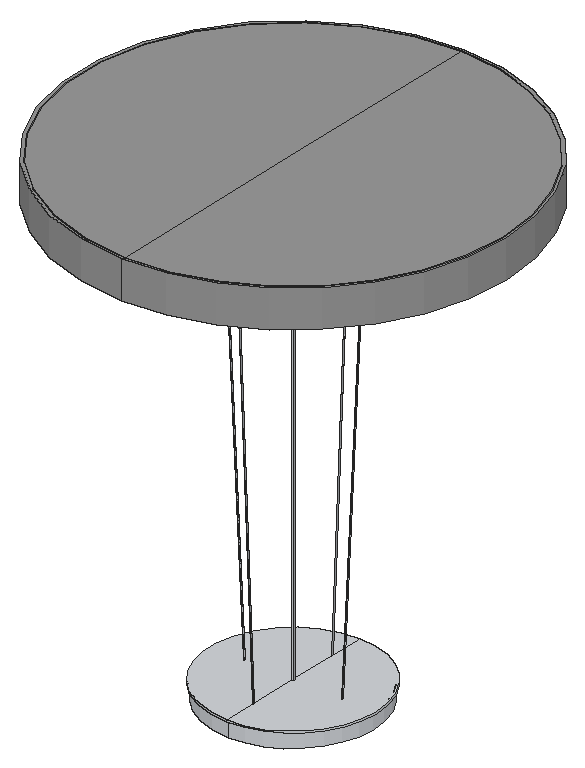
Revit family "PFRID-ACPMK", category Lighting Fixtures, host Face, Revit 2022
Family settings
  Host = Face
  Round Connector Dimension = Use Diameter
  Part Type = Normal
  Cut with Voids When Loaded = Yes
  Light Source = Yes
  Maintain Annotation Orientation = No
  Shared = No
  Room Calculation Point = No
Parameters (values of type "PFRID35-120W-3000K-ACPMK")
  r = R / 3  # 0' - 5.89974"
  Wattage Comments = "120W"
  Wattage = 41.2005 W
  built-in parameter 1150110 = 1 (stored number, unit not read)
  Uplight R = R / 2  # 0' - 8.84961"
  URL = "https://www.abovealllighting.com/Product/LED-INDOOR-FIXTURE/Pendant/PrimeFocusRound.html"
  built-in parameter 1114217 = 1 (stored number, unit not read)
  Tilt Angle = 90.00°
  built-in parameter 1150109 = 1 (stored number, unit not read)
  built-in parameter 1150134 = (empty or 0)
  Suspended = 3' - 0"
  built-in parameter 1150113 = 1 (stored number, unit not read)
  R = 1' - 5 179/256"
  Power Factor = "0.9"
  Photometric Web File = "PFRID35-120W-3000K-Down.IES"
  Note = "Max. Aircraft Cable and Wire Cord Length: 59\" (1500mm)."
  Model = "PFRID35-120-30901-ACPMK-WH"
  Manufacturer = "Above All Lighting"  # constant formula
  built-in parameter 1150105 = 1083.3 (stored number, unit not read)
  Lumens = 6120 lm
  built-in parameter 1150115 = 1 (stored number, unit not read)
  Load Classification = Lighting
  built-in parameter 1150137 = (empty or 0)
  built-in parameter 1150139 = (empty or 0)
  Lens = R - 0' 0 1/4"  # 1' - 5 115/256"
  built-in parameter 1150112 = 1 (stored number, unit not read)
  built-in parameter 1150114 = 1 (stored number, unit not read)
  Lamp = "LED"
  Input Voltage = "120-277V"
  built-in parameter 1150132 = 2
  built-in parameter 1150102 = (empty or 0)
  built-in parameter 1150107 = 3000 (stored number, unit not read)
  built-in parameter 1150138 = (empty or 0)
  built-in parameter 1150106 = 10.833 (stored number, unit not read)
  built-in parameter 1150104 = 13.8 (stored number, unit not read)
  Dimming Lamp Color Temperature Shift = <None>
  Default Elevation = 0' - 0"
  Color Filter = 16777215
  CRI = "90"
  built-in parameter 1114218 = 1 (stored number, unit not read)
  built-in parameter 1150133 = 10 (stored number, unit not read)
  A = 0' - 6 115/128"
Reference planes (in)
  plane 1 "Center (Front/Back)": y = 0
  plane 2: z = 0
  plane 3 "Center (Left/Right)": x = 0
Forms (in)
  Revolve 1, solid, material "Paint"
    sketch origin (0, 0, 46) x (0, 1, 0) y (0, 0, 1)
      loop
        line (0, -10) -> (17.69922, -10) -> (17.69922, -6.9) -> (17.44922, -6.9) -> (17.44922, -7.64825) -> (0, -7.64825) -> (0, -10)
      axis (0, -6.9) -> (0, -10)
    angle from 0 to 360
  Revolve 2, solid, material "Glass, White, High Luminance"
    sketch origin (0, 1, 46) x (0, 1, 0) y (0, 0, 1)
      loop
        line (16.44922, -6.9) -> (-1, -6.9) -> (-1, -7.0264) -> (16.44922, -7.0264) -> (16.44922, -6.9)
      axis (-1, -6.9) -> (-1, -7.0264)
    angle from 0 to 360
  Revolve 3, solid
    sketch origin (0, 0, -1.25) x (0, 1, 0) y (0, 0, 1)
      loop
        line (0, 0) -> (6.70346, 0) -> (6.70346, 1.25) -> (6.89844, 1.25) -> (6.89844, 1.38) -> (0, 1.38) -> (0, 0)
      axis (0, 1.38) -> (0, 0)
    angle from 0 to 360
  Sweep 4, solid
    path origin (0, 8.08385, -13.13) x (0, 1, 0) y (0, 0, 1)
      loop
        line (-4.0131, 13.26) -> (-2.18411, 49.13)
    profile origin (0, 4.98524, 18.065) x (0, -0.998703, 0.050923) y (1, 0, 0)
      loop
        circle (0, 0) r 0.03275
  Sweep 5, solid
    path origin (-8.08385, 0, -13.13) x (-1, 0, 0) y (0, 0, 1)
      loop
        line (-4.0131, 13.26) -> (-2.18411, 49.13)
    profile origin (-4.98524, 0, 18.065) x (0.998703, 0, 0.050923) y (0, 1, 0)
      loop
        circle (0, 0) r 0.03275
  Sweep 6, solid
    path origin (0, -8.08385, -13.13) x (0, -1, 0) y (0, 0, 1)
      loop
        line (-4.0131, 13.26) -> (-2.18411, 49.13)
    profile origin (0, -4.98524, 18.065) x (0, 0.998703, 0.050923) y (-1, 0, 0)
      loop
        circle (0, 0) r 0.03275
  Sweep 7, solid
    path origin (8.08385, 0, -13.13) x (1, 0, 0) y (0, 0, 1)
      loop
        line (-4.0131, 13.26) -> (-2.18411, 49.13)
    profile origin (4.98524, 0, 18.065) x (-0.998703, 0, 0.050923) y (0, -1, 0)
      loop
        circle (0, 0) r 0.03275
  Extrusion 8, solid
    sketch origin (0, 0, 0) x (1, 0, 0) y (0, 1, 0)
      loop
        circle (0, 0) r 0.08906
    from 0.13 to 36
  Revolve 9, solid, material "Glass, White, High Luminance"
    sketch origin (0, 0, 0) x (0, 1, 0) y (0, 0, 1)
      loop
        line (8.84961, 36) -> (7.46961, 36) -> (7.46961, 35.92871) -> (8.84961, 35.92871) -> (8.84961, 36)
      axis (0, 36) -> (0, 35.92871)
    angle from 0 to 360
Dimensions and locks (in)
  "R": Revolve 1 sketch curve to Revolve 1 sketch curve
  "Lens": Revolve 2 sketch curve to Revolve 2 sketch curve
  "A": Revolve 3 sketch curve to Revolve 3 sketch curve
  "r": imposter light to Sweep 6 sketch curve
  "r": imposter light to Sweep 5 sketch curve
  "r": Sweep 4 sketch curve to imposter light
  "r": Sweep 7 sketch curve to imposter light
  "Suspended": Revolve 1 to host face
  Revolve 2 sketch curve to imposter light = 0' - 0.1264"
  Revolve 2 sketch curve to Revolve 1 = 0' - 2.9736"
  "Uplight R": Revolve 9 sketch curve to plane 1 "Center (Front/Back)"
  diameter of Revolve 2 = 2' - 10 115/128"
  aligned and locked: plane 2 to host face
  aligned and locked: level to host face
  aligned and locked: Revolve 1 sketch curve to plane 1 "Center (Front/Back)"
  aligned and locked: Revolve 2 sketch curve to Revolve 2 sketch curve
  aligned and locked: Revolve 2 sketch curve to plane 1 "Center (Front/Back)"
  aligned and locked: Revolve 3 to Sweep 4 sketch curve
  aligned and locked: Revolve 1 to Sweep 4 sketch curve
  aligned and locked: Revolve 1 to imposter light
  aligned and locked: Revolve 1 to Sweep 6 sketch curve
  aligned and locked: Revolve 1 to Sweep 5 sketch curve
  aligned and locked: Revolve 1 to Sweep 7 sketch curve
  aligned and locked: Extrusion 8 to Revolve 3
  aligned and locked: Revolve 1 to Extrusion 8
  aligned and locked: Revolve 9 sketch curve to imposter light
  aligned and locked: Revolve 9 to Revolve 9
  aligned and locked: Revolve 1 to Revolve 9
  aligned and locked: Revolve 9 to nested 1
Automatic sketch dimensions
  host sketch curve to host sketch curve = 8' - 0"  (x2)
  Sweep 4 sketch curve to plane 3 "Center (Left/Right)" = 0' - 0"
  Sweep 4 sketch curve to profile plane = 0' - 0"
  Sweep 5 sketch curve to profile plane = 0' - 0"  (x2)
  profile plane to Sweep 6 sketch curve = 0' - 0"
  Sweep 6 sketch curve to profile plane = 0' - 0"
  Sweep 7 sketch curve to profile plane = 0' - 0"
  profile plane to Sweep 7 sketch curve = 0' - 0"
  plane 1 "Center (Front/Back)" to Extrusion 8 sketch curve = 0' - 0"
  Extrusion 8 sketch curve to plane 3 "Center (Left/Right)" = 0' - 0"
  Revolve 1 sketch curve to plane 1 "Center (Front/Back)" = 0' - 0"
  Revolve 1 sketch curve to Revolve 1 sketch curve = 0' - 0 1/4"
  level to Revolve 1 sketch curve = 3' - 0"
  Revolve 1 sketch curve to Revolve 1 sketch curve = 0' - 2.35175"
  Revolve 1 sketch curve to Revolve 1 sketch curve = 0' - 0.74825"
  Revolve 1 sketch curve to Revolve 1 sketch curve = 1' - 4.64825"
  Revolve 1 sketch curve to Revolve 1 sketch curve = 6' - 1.27586"
  Revolve 2 sketch curve to Revolve 2 sketch curve = 0' - 0.1264"
  Revolve 2 sketch curve to Revolve 2 sketch curve = 1' - 3.9"
  Revolve 2 sketch curve to Revolve 2 sketch curve = 6' - 1.27586"
  Revolve 3 sketch curve to plane 1 "Center (Front/Back)" = 0' - 0"  (x2)
  Revolve 3 sketch curve to level = 0' - 0"
  Revolve 3 sketch curve to Revolve 3 sketch curve = 0' - 0.19498"
  Revolve 3 sketch curve to level = 0' - 1 1/4"
  level to Revolve 3 sketch curve = 0' - 0.13"
  Revolve 3 sketch curve to Revolve 3 sketch curve = 2' - 0"
  Revolve 3 sketch curve to Revolve 3 sketch curve = 7' - 6.89586"
  Sweep 4 sketch curve to plane 1 "Center (Front/Back)" = 0' - 4.07075"
  level to Sweep 5 sketch curve = 0' - 0.13"
  Sweep 5 sketch curve to plane 3 "Center (Left/Right)" = 0' - 4.07075"
  level to Sweep 6 sketch curve = 0' - 0.13"
  plane 1 "Center (Front/Back)" to Sweep 6 sketch curve = 0' - 4.07075"
  level to Sweep 7 sketch curve = 0' - 0.13"
  plane 3 "Center (Left/Right)" to Sweep 7 sketch curve = 0' - 4.07075"
  Revolve 9 sketch curve to Revolve 9 sketch curve = 0' - 1.38"
  level to Revolve 9 sketch curve = 2' - 11.92871"
  Revolve 9 sketch curve to Revolve 9 sketch curve = 0' - 0.07129"
  Revolve 9 sketch curve to Revolve 9 sketch curve = 0' - 8.82871"
  Revolve 9 sketch curve to Revolve 9 sketch curve = 1' - 3.1"
  radius of Sweep 4 sketch curve = 0' - 0.03275"
  radius of Sweep 5 sketch curve = 0' - 0.03275"
  radius of Sweep 6 sketch curve = 0' - 0.03275"
  radius of Sweep 7 sketch curve = 0' - 0.03275"
  radius of Extrusion 8 sketch curve = 0' - 0.08906"
Nested families (in)
  nested 1: "Lighting Fixture Face-base" at (-0.07304, -0.05096, 36) x (0.5722, -0.8201, 0) z (-0.8201, -0.5722, 0), type "Lighting Fixture Face-base"
Definition of nested family "Lighting Fixture Face-base"
  Parameters (values of type "Lighting Fixture Face-base")
    Wattage = 27.467 W
    built-in parameter 1150110 = 1 (stored number, unit not read)
    built-in parameter 1114217 = 1 (stored number, unit not read)
    Tilt Angle = 90.00°
    built-in parameter 1150109 = 1 (stored number, unit not read)
    built-in parameter 1150134 = 3
    built-in parameter 1150113 = 1 (stored number, unit not read)
    Power Factor = ""
    Photometric Web File = "PFRID35-120W-3000K-Up.IES"
    Manufacturer = "Above All Lighting"  # constant formula
    built-in parameter 1150105 = 324.68 (stored number, unit not read)
    Lumens = 4080 lm
    built-in parameter 1150115 = 1 (stored number, unit not read)
    Load Classification = none
    built-in parameter 1150137 = (empty or 0)
    built-in parameter 1150139 = (empty or 0)
    built-in parameter 1150112 = 1 (stored number, unit not read)
    built-in parameter 1150114 = 1 (stored number, unit not read)
    Lamp = "LED"
    Input Voltage = ""
    built-in parameter 1150132 = 2
    built-in parameter 1150102 = (empty or 0)
    built-in parameter 1150107 = 3200 (stored number, unit not read)
    built-in parameter 1150138 = (empty or 0)
    built-in parameter 1150106 = 3.2468 (stored number, unit not read)
    IP Rating = ""
    built-in parameter 1150104 = 13.8 (stored number, unit not read)
    Dimming Lamp Color Temperature Shift = (empty or 0)
    Default Elevation = 0' - 0"
    Color Filter = 16777215
    CRI = ""
    Beam Angle = 0.00°
    built-in parameter 1114218 = 1 (stored number, unit not read)
    built-in parameter 1150133 = 10 (stored number, unit not read)
  Reference planes (in)
    plane 1 "Center (Front/Back)": y = 0
    plane 2: z = 0
    plane 3 "Center (Left/Right)": x = 0
  Forms (in)
    Extrusion 1, solid
      sketch origin (0, 0, 0) x (1, 0, 0) y (0, 1, 0)
        loop
          line (-48, 48) -> (-48, -48) -> (48, -48) -> (48, 48) -> (-48, 48)
      from 0 to -12
  Dimensions and locks (in)
    aligned and locked: plane 2 to Extrusion 1
    aligned and locked: level to Extrusion 1
